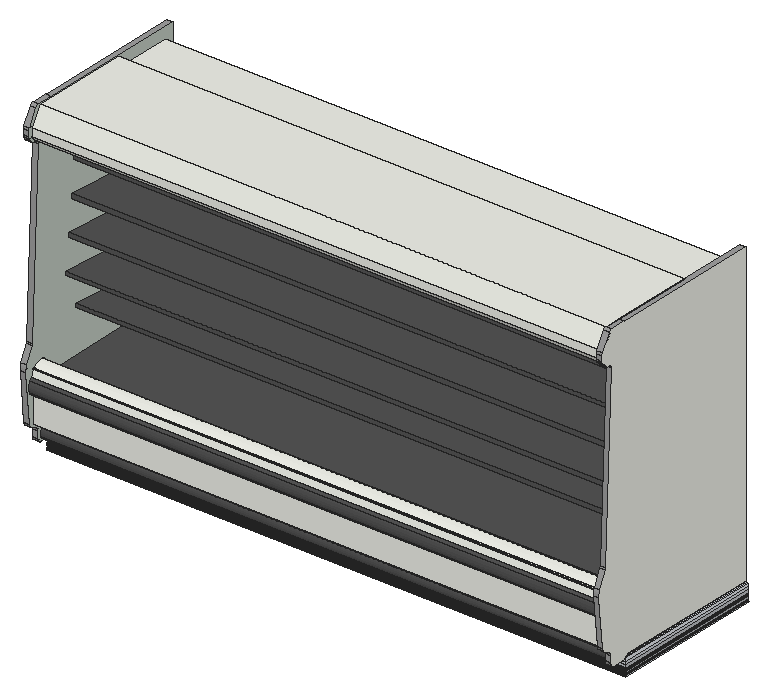
Revit family "F6L_2014", category Specialty Equipment, Revit 2014
Parameters (values of type "12'-0" Length")
  Width = 144 1/2"
  Waste Drain Location = if(Width = 72 1/4", 12", if(Width = 96 3/8", 23 7/8", 1/16"))  # 1/16"
  Waste Drain = 1 1/2"  # constant formula
  URL = "www.hussmann.com"
  Type Comments = "Excel"  # constant formula
  Trim = Stainless Steel
  Total Weight = Case Weight + (2 * End Weight)  # 2200.00 lbf
  Splashguard = Textured Sheet Metal (Steel Painted) - 701 Black
  Side Panel - Right [instance] = yes
  Side Panel - Left [instance] = yes
  Shelves = Sheet Metal (Steel Painted) - 701 Black
  Shelf Lights [instance] = yes
  Shelf = yes
  Revit Family Date = "09/13/2016"  # constant formula
  Refrigeration Lines Suction = 1 1/8"  # constant formula
  Refrigeration Lines Liquid = 3/8"  # constant formula
  Refrig. Suction = "Suction"
  Refrig. Liquid = "Liquid"
  Number of Supports = if(Width < 50", 2, if(Width < 100", 3, 4))  # 4
  Number of Shelves = 5  # constant formula
  Note from Manufacturer = "This model only comes in 4'-0\", 6'-0\", 8'-0\" and 12'-0\"  lengths."
  Model URL = "http://www.hussmann.com/en/product%20viewer/display-cases/F6,%20F6L"
  Model = "F6L"  # constant formula
  Manufacturer Disclaimer = "The information in this file is not intended to be an exact representation of the corresponding Hussmann product.  Further, we reserve the right to change or revise specifications and product design in connection with any feature of our products. Such changes do not entitle the buyer to corresponding changes, improvements, additions, or replacements for equipment previously sold or shipped."  # constant formula
  Manufacturer = "Hussmann Corporation"  # constant formula
  Height = 81 1/4"  # constant formula
  Glazing = Glass
  Ends = Textured Sheet Metal (Steel Painted) - 149 White Satin Matte
  End Weight = 100.00 lbf  # constant formula
  Door Frame = Plastic - 144 Mist Gray
  Description = "Low 23 inch Front Height, Low Temperature Open Multi-Deck"  # constant formula
  Depth = 46 1/2"  # constant formula
  Cutsheet URL = "http://www.hussmann.com/en/Technical%20Documents/0522420_D_F6L.pdf"
  Case Weight = if(Width = 48 1/4", 1000.00 lbf, if(Width = 72 1/4", 1300.00 lbf, if(Width = 96 3/8", 1700.00 lbf, if(Width = 144 1/2", 2000.00 lbf, 0.00 lbf))))  # 2000.00 lbf
  Case Interior - Side Panel = Mirror
  Case Interior - Back Panel = Mirror
  Case = Textured Sheet Metal (Steel Painted) - 149 White Satin Matte
  Bumper = Extruded PVC - 701 Black
  Assembly Code = ""
  Accessories/Options = ""
Types (5): name | Width | Waste Drain Location | Total Weight | Number of Supports | Case Weight
  (no name) | 144 1/2" | 1/16" | 2200.00 lbf | 4 | 2000.00 lbf
  12'-0" Length | 144 1/2" | 1/16" | 2200.00 lbf | 4 | 2000.00 lbf
  8'-0" Length | 96 3/8" | 23 7/8" | 1900.00 lbf | 3 | 1700.00 lbf
  6'-0" Length | 72 1/4" | 12" | 1500.00 lbf | 3 | 1300.00 lbf
  4'-0" Length | 48 1/4" | 1/16" | 1200.00 lbf | 2 | 1000.00 lbf
Reference planes (in)
  plane 1 "Back": y = 0
  plane 2 "Bottom": z = 0
  plane 3 "Top": z = 81.25
  plane 4 "Left": x = -77.30699
  plane 5 "Front": y = -46.5
  plane 6 "Center (Left/Right)": x = -5.05699
  plane 7 "Right": x = 67.19301
  plane 8: x = -78.75816
  plane 9: x = 68.64419
Forms (in)
  Extrusion 1, solid, material "Metal - Copper"
    sketch origin (63.0625, 1.04319, 0) x (1, 0, 0) y (0, 1, 0)
      loop
        arc (-68.05699, -27.97109) -> (-68.58732, -28.19076) -> (-68.80699, -28.72109) r 0.75
        arc (-68.80699, -28.72109) -> (-68.58732, -29.25142) -> (-68.05699, -29.47109) r 0.75
        arc (-68.05699, -29.47109) -> (-67.52666, -29.25142) -> (-67.30699, -28.72109) r 0.75
        arc (-67.30699, -28.72109) -> (-67.52666, -28.19076) -> (-68.05699, -27.97109) r 0.75
      loop
        circle (-68.05699, -28.72109) r 0.7102
    from 6.42413 to 3.51473
  Extrusion 2, solid, material "Metal - Copper"
    sketch origin (57.40105, 5, -0.375) x (1, 0, 0) y (0, 1, 0)
      loop
        circle (0.33505, -35.51915) r 0.53859
      loop
        circle (0.33505, -35.51915) r 0.5625
    from 12.31461 to 5.4531
  Extrusion 3, solid, material "Metal - Copper"
    sketch origin (59.82608, 5, -0.375) x (1, 0, 0) y (0, 1, 0)
      loop
        circle (-1.33997, -35.51915) r 0.17188
      loop
        circle (-1.33997, -35.51915) r 0.1875
    from 12.31461 to 5.4531
  Extrusion 4, solid, material "Textured Sheet Metal (Steel Painted) - 149 White Satin Matte" <- "Case"
    sketch origin (-77.30699, 0, 0) x (0, 1, 0) y (0, 0, 1)
      loop
        line (-32.1541, 73.54912) -> (-9.46181, 71.96022) -> (-14.849, 18.17943) -> (-16.98709, 18.17943) -> (-23.57861, 11.45449) -> (-26.80457, 11.45449) -> (-27.76669, 14.43866) -> (-41.70677, 15.01715) -> (-38.318, 17.2794) -> (-38.318, 17.87326) -> (-40.77696, 17.87326) -> (-40.77696, 18.76026)
        arc (-40.77696, 18.76026) -> (-40.79236, 18.78719) -> (-40.82338, 18.78759) r 0.03125
        line (-40.82338, 18.78759) -> (-42.13884, 18.05773) -> (-43.92538, 18.05773) -> (-43.92538, 22.00602) -> (-42.40181, 22.00602)
        arc (-42.40181, 22.00602) -> (-42.36045, 22.02335) -> (-42.34381, 22.06499) r 0.058
        line (-42.34381, 22.06499) -> (-42.34381, 22.31941) -> (-42.16439, 22.56533)
        arc (-42.16439, 22.56533) -> (-42.05488, 22.61571) -> (-42.02131, 22.73149) r 0.14499
        arc (-42.02131, 22.73149) -> (-42.08031, 22.91762) -> (-42.2585, 22.99747) r 0.23875
        arc (-42.2585, 22.99747) -> (-43.75651, 22.75243) -> (-45.09834, 22.04279) r 4.70103
        arc (-45.09834, 22.04279) -> (-45.1763, 21.9639) -> (-45.22778, 21.86565) r 0.37506
        line (-45.22778, 21.86565) -> (-45.25633, 21.77972)
        arc (-45.25633, 21.77972) -> (-45.25768, 21.74778) -> (-45.24339, 21.71919) r 0.06383
        arc (-45.24339, 21.71919) -> (-45.23064, 21.70823) -> (-45.21557, 21.70083) r 0.06355
        line (-45.21557, 21.70083) -> (-45.15692, 21.68094) -> (-45.71561, 20.14609) -> (-45.0616, 20.14609) -> (-45.0616, 9.16104) -> (-42.90688, 7.9165) -> (-42.68352, 8.32972) -> (-37.45724, 5.312) -> (-29.27535, 5.312) -> (-29.27535, 2.18201) -> (0, 2.18201) -> (0, 49.42812) -> (-3.19794, 49.42812) -> (-3.19794, 78.65136) -> (-18.11408, 78.65136) -> (-18.11408, 81.26647) -> (-42.99581, 81.26647) -> (-45.50837, 76.9146) -> (-45.50837, 74.88084) -> (-44.55361, 73.74112) -> (-44.24596, 74.04878) -> (-44.96724, 74.90484) -> (-42.96435, 76.39558) -> (-42.79097, 75.93177) -> (-42.41037, 75.40726) -> (-39.0931, 75.40726) -> (-39.0931, 75.13972) -> (-38.83177, 74.20939) -> (-38.68819, 74.20516) -> (-38.68819, 74.70168) -> (-35.39484, 74.70168) -> (-35.37355, 72.28708) -> (-32.1541, 72.28708) -> (-32.1541, 73.54912)
    from 0 to 144.5 <- "Width"
  Extrusion 5, solid, material "Sheet Metal (Steel Painted) - 701 Black" <- "Shelves"
    sketch origin (-77.30699, 0, 0) x (0, 1, 0) y (0, 0, 1)
      loop
        line (-15.04978, 19.30353) -> (-40.57497, 18.90647) -> (-40.56003, 17.94604)
        arc (-40.56003, 17.94604) -> (-40.55054, 17.92409) -> (-40.5283, 17.91528) r 0.03125
        line (-40.5283, 17.91528) -> (-15.02977, 18.30908) -> (-15.04978, 19.30353)
    from 0 to 144.5 <- "Width"
  Extrusion 6, solid, material "Extruded PVC - 701 Black" <- "Bumper"
    sketch origin (-77.30699, 0, 0) x (0, 1, 0) y (0, 0, 1)
      loop
        arc (-45.71561, 20.14609) -> (-46.08999, 19.88839) -> (-46.35991, 19.52271) r 1.37504
        arc (-46.35991, 19.52271) -> (-46.68609, 18.16151) -> (-46.35917, 16.80049) r 2.99997
        arc (-46.35917, 16.80049) -> (-46.04489, 16.3947) -> (-45.60371, 16.13243) r 1.37501
        arc (-45.60371, 16.13243) -> (-45.5525, 16.1281) -> (-45.5059, 16.14977) r 0.10001
        line (-45.5059, 16.14977) -> (-45.0616, 16.52258) -> (-45.0616, 20.14609) -> (-45.71561, 20.14609)
      loop
        arc (-42.02361, 7.721) -> (-42.3677, 7.51597) -> (-42.61285, 7.19922) r 1.075
        arc (-42.61285, 7.19922) -> (-42.86856, 6.13415) -> (-42.61286, 5.06908) r 2.346
        arc (-42.61286, 5.06908) -> (-42.36782, 4.75242) -> (-42.02389, 4.5474) r 1.075
        arc (-42.02389, 4.5474) -> (-41.98374, 4.54322) -> (-41.94688, 4.55968) r 0.078
        line (-41.94688, 4.55968) -> (-41.67603, 4.78693) -> (-41.96374, 4.953) -> (-40.6816, 7.17378) -> (-41.4288, 7.60522) -> (-41.55766, 7.38205) -> (-41.94493, 7.70698)
        arc (-41.94493, 7.70698) -> (-41.98233, 7.72483) -> (-42.02361, 7.721) r 0.078
    from 0 to 144.5 <- "Width"
  Extrusion 7, solid, material "Sheet Metal (Steel Painted) - 701 Black" <- "Shelves"
    sketch origin (-77.30699, 0, 0) x (0, 1, 0) y (0, 0, 1)
      loop
        line (-10.30939, 63.49875) -> (-32.25575, 65.03542) -> (-32.35547, 64.03996) -> (-31.85796, 63.99012) -> (-31.80661, 64.50275) -> (-10.35925, 63.00102) -> (-10.30939, 63.49875)
      loop
        line (-31.65455, 30.92217) -> (-31.72446, 29.92372) -> (-31.25675, 29.87687) -> (-31.2054, 30.38949) -> (-13.74837, 29.16717) -> (-13.69851, 29.6649) -> (-31.65455, 30.92217)
      loop
        line (-34.7985, 39.65103) -> (-34.89821, 38.65556) -> (-34.4007, 38.60573) -> (-34.34935, 39.11836) -> (-12.90199, 37.61663) -> (-12.85213, 38.11436) -> (-34.7985, 39.65103)
      loop
        line (-33.95092, 48.11249) -> (-34.05063, 47.11703) -> (-33.55312, 47.06719) -> (-33.50177, 47.57982) -> (-12.05441, 46.07809) -> (-12.00455, 46.57583) -> (-33.95092, 48.11249)
      loop
        line (-33.10333, 56.57396) -> (-33.20305, 55.57849) -> (-32.70554, 55.52866) -> (-32.65419, 56.04129) -> (-11.20683, 54.53956) -> (-11.15697, 55.03729) -> (-33.10333, 56.57396)
    from 0 to 144.5 <- "Width"
  Extrusion 8, solid, material "Textured Sheet Metal (Steel Painted) - 149 White Satin Matte" <- "Ends", visible <- "Side Panel - Left"
    sketch origin (-77.30699, 0, 0) x (0, 1, 0) y (0, 0, 1)
      loop
        line (-43.1746, 72.33507) -> (-45.09612, 27.53321)
        arc (-45.09612, 27.53321) -> (-45.12572, 27.3309) -> (-45.19585, 27.13884) r 0.99992
        line (-45.19585, 27.13884) -> (-46.99351, 23.44142)
        arc (-46.99351, 23.44142) -> (-47.25982, 22.62207) -> (-47.29229, 21.76113) r 3.12507
        line (-47.29229, 21.76113) -> (-46.04991, 9.45266)
        arc (-46.04991, 9.45266) -> (-45.8947, 9.01005) -> (-45.55476, 8.6869) r 1.00008
        line (-45.55476, 8.6869) -> (-43.94711, 7.75915)
        arc (-43.94711, 7.75915) -> (-43.58099, 7.39314) -> (-43.44698, 6.8931) r 0.99992
        line (-43.44698, 6.8931) -> (-43.44698, 5.0781)
        arc (-43.44698, 5.0781) -> (-43.15406, 4.37094) -> (-42.4469, 4.07802) r 1.00008
        line (-42.4469, 4.07802) -> (-39.4509, 4.07802) -> (-39.4509, 4.32875) -> (-39.38161, 4.32875) -> (-39.38161, 4.37675) -> (-38.29754, 5.22424) -> (-38.29754, 5.17618) -> (-0.57369, 5.17618) -> (-0.57369, 81.28502) -> (-39.32361, 81.28502) -> (-39.32361, 81.34702) -> (-43.1566, 81.34702)
        arc (-43.1566, 81.34702) -> (-43.65661, 81.21305) -> (-44.02266, 80.84705) r 1.00008
        line (-44.02266, 80.84705) -> (-46.19965, 77.07706)
        arc (-46.19965, 77.07706) -> (-46.29959, 76.83583) -> (-46.33368, 76.57695) r 1.00008
        line (-46.33368, 76.57695) -> (-46.33368, 75.16995)
        arc (-46.33368, 75.16995) -> (-46.27327, 74.82765) -> (-46.09935, 74.5267) r 1.00008
        line (-46.09935, 74.5267) -> (-45.43459, 73.73534)
        arc (-45.43459, 73.73534) -> (-45.09158, 73.47237) -> (-44.6696, 73.37888) r 0.99908
        line (-44.6696, 73.37888) -> (-44.1746, 73.37888)
        arc (-44.1746, 73.37888) -> (-43.45184, 73.07038) -> (-43.1746, 72.33507) r 1.00092
    from 0 to -1.45118
  Sweep 9, solid
    path origin (0, 0, 0) x (1, 0, 0) y (0, 1, 0)
      loop
        line (-77.30699, 0) -> (-77.30699, -37.26654) -> (67.19301, -37.26654) -> (67.19301, 0)
    profile origin (-5.05699, -37.26654, 0) x (0, 1, 0) y (0, 0, 1)
      loop
        line (-0.89402, 4.48266) -> (-1.05129, 4.45114) -> (-1.2305, 4.33026) -> (-1.34929, 4.14965) -> (-1.53606, 3.46063) -> (-1.55475, 2.74699) -> (-1.40429, 2.04913) -> (-1.37706, 1.88926) -> (-1.40243, 1.72908) -> (-1.47773, 1.58544) -> (-1.56688, 1.39133) -> (-1.56688, 1.17773) -> (-1.47773, 0.98363) -> (-1.3886, 0.78951) -> (-1.3886, 0.57592) -> (-1.47773, 0.38181) -> (-1.53279, 0.28957) -> (-1.56688, 0.1877) -> (-1.57841, 0.0809) -> (-0.72217, 0.2629) -> (0, 0.70022) -> (0, 4.13502) -> (-0.22501, 4.36538) -> (-0.16131, 4.42908) -> (-0.5901, 4.85787) -> (-0.66434, 4.88863) -> (-0.73859, 4.85787) -> (-0.89402, 4.48266)
  Extrusion 10, solid, material "Textured Sheet Metal (Steel Painted) - 149 White Satin Matte" <- "Ends", visible <- "Side Panel - Right"
    sketch origin (67.19301, 0, 0) x (0, 1, 0) y (0, 0, -1)
      loop
        arc (-43.1746, -72.33507) -> (-43.45184, -73.07038) -> (-44.1746, -73.37888) r 1.00092
        line (-44.1746, -73.37888) -> (-44.6696, -73.37888)
        arc (-44.6696, -73.37888) -> (-45.09158, -73.47237) -> (-45.43459, -73.73534) r 0.99908
        line (-45.43459, -73.73534) -> (-46.09935, -74.5267)
        arc (-46.09935, -74.5267) -> (-46.27327, -74.82765) -> (-46.33368, -75.16995) r 1.00008
        line (-46.33368, -75.16995) -> (-46.33368, -76.57695)
        arc (-46.33368, -76.57695) -> (-46.29959, -76.83583) -> (-46.19965, -77.07706) r 1.00008
        line (-46.19965, -77.07706) -> (-44.02266, -80.84705)
        arc (-44.02266, -80.84705) -> (-43.65661, -81.21305) -> (-43.1566, -81.34702) r 1.00008
        line (-43.1566, -81.34702) -> (-39.32361, -81.34702) -> (-39.32361, -81.28502) -> (-0.57369, -81.28502) -> (-0.57369, -5.17618) -> (-38.29754, -5.17618) -> (-38.29754, -5.22424) -> (-39.38161, -4.37675) -> (-39.38161, -4.32875) -> (-39.4509, -4.32875) -> (-39.4509, -4.07802) -> (-42.4469, -4.07802)
        arc (-42.4469, -4.07802) -> (-43.15406, -4.37094) -> (-43.44698, -5.0781) r 1.00008
        line (-43.44698, -5.0781) -> (-43.44698, -6.8931)
        arc (-43.44698, -6.8931) -> (-43.58099, -7.39314) -> (-43.94711, -7.75915) r 0.99992
        line (-43.94711, -7.75915) -> (-45.55476, -8.6869)
        arc (-45.55476, -8.6869) -> (-45.8947, -9.01005) -> (-46.04991, -9.45266) r 1.00008
        line (-46.04991, -9.45266) -> (-47.29229, -21.76113)
        arc (-47.29229, -21.76113) -> (-47.25982, -22.62207) -> (-46.99351, -23.44142) r 3.12507
        line (-46.99351, -23.44142) -> (-45.19585, -27.13884)
        arc (-45.19585, -27.13884) -> (-45.12572, -27.3309) -> (-45.09612, -27.53321) r 0.99992
        line (-45.09612, -27.53321) -> (-43.1746, -72.33507)
    from 0 to -1.45118
Lines and regions (in)
  reference lines
    curve 1: line (-73.78869, -46.5, 0) -> (-73.78869, 0, 0)
    curve 2: line (-4.99449, -46.5, 0) -> (-4.99449, 0, 0)
    curve 3: line (63.74082, -46.5, 0) -> (63.74082, 0, 0)
    curve 4: line (58.29861, -46.5, 0) -> (58.29861, 0, 0)
    curve 5: line (-77.30699, -27.6779, 0) -> (67.19301, -27.6779, 0)
    curve 6: line (67.19301, -30.51915, 0) -> (-77.30699, -30.51915, 0)
Dimensions and locks (in)
  equal spacing: plane 4 "Left", plane 6 "Center (Left/Right)", plane 7 "Right"
  "Width": plane 4 "Left" to plane 7 "Right"
  locked: plane 4 "Left" to curve 1 at 3.5183
  locked: curve 3 to plane 7 "Right" at 3.45219
  "Depth": plane 5 "Front" to plane 1 "Back"
  locked: curve 4 to plane 7 "Right" at 8.89441
  "Height": plane 3 "Top" to level
  locked: plane 1 "Back" to curve 5 at 27.6779
  locked: plane 1 "Back" to curve 6 at 30.51915
  locked: Extrusion 1 sketch curve to Extrusion 1 sketch curve at 0.0398
  locked: Extrusion 3 sketch curve to Extrusion 3 sketch curve at 0.01562
  locked: Extrusion 2 sketch curve to Extrusion 2 sketch curve at 0.02391
  equal spacing: group 1, group 3, group 4, group 2  (x3)
  "Waste Drain Location": plane 6 "Center (Left/Right)" to curve 2
  locked: plane 8 to plane 4 "Left" at 1.45118
  locked: plane 7 "Right" to plane 9 at 1.45118
  "Waste Drain": diameter of Extrusion 1 sketch curve
  "Refrigeration Lines Liquid": diameter of Extrusion 3 sketch curve
  "Refrigeration Lines Suction": diameter of Extrusion 2 sketch curve
  aligned and locked: plane 5 "Front" to curve 2
  aligned and locked: plane 5 "Front" to curve 3
  aligned and locked: plane 5 "Front" to curve 1
  aligned and locked: plane 4 "Left" to curve 5
  aligned and locked: plane 4 "Left" to curve 6
  aligned and locked: plane 7 "Right" to curve 6
  aligned and locked: plane 7 "Right" to curve 5
  aligned and locked: curve 6 to Extrusion 3 sketch curve  (x4)
  aligned and locked: curve 6 to Extrusion 2 sketch curve  (x4)
  aligned and locked: curve 5 to Extrusion 1 sketch curve  (x3)
  aligned and locked: curve 2 to Extrusion 1 sketch curve
  aligned and locked: curve 4 to Extrusion 3 sketch curve
  aligned and locked: curve 4 to Extrusion 2 sketch curve
  aligned and locked: curve 1 to nested 1
  aligned and locked: curve 3 to nested 2
  aligned and locked: plane 4 "Left" to Extrusion 8
  aligned and locked: Extrusion 8 to plane 8
  aligned and locked: Extrusion 4 to Sweep 9 sketch curve
  aligned and locked: Sweep 9 sketch curve to Extrusion 4
  aligned and locked: Extrusion 10 to plane 7 "Right"
  aligned and locked: Extrusion 10 to plane 9
  aligned and locked: plane 4 "Left" to nested 5
  aligned and locked: plane 4 "Left" to nested 4
  aligned and locked: plane 4 "Left" to nested 3
Automatic sketch dimensions
  Extrusion 4 sketch curve to plane 1 "Back" = 0"
  plane 1 "Back" to Extrusion 4 sketch curve = 3.19794"
  Extrusion 4 sketch curve to Extrusion 4 sketch curve = 6.26387"
  plane 1 "Back" to Extrusion 4 sketch curve = 14.849"
  Extrusion 4 sketch curve to Extrusion 4 sketch curve = 2.13808"
  Extrusion 4 sketch curve to plane 3 "Top" = 0.01647"
  Extrusion 4 sketch curve to Extrusion 4 sketch curve = 8.65227"
  Extrusion 4 sketch curve to Extrusion 4 sketch curve = 6.59152"
  Extrusion 4 sketch curve to Extrusion 4 sketch curve = 3.22596"
  Extrusion 4 sketch curve to Extrusion 4 sketch curve = 0.96212"
  level to Extrusion 4 sketch curve = 2.18201"
  Extrusion 4 sketch curve to Extrusion 4 sketch curve = 2.47078"
  plane 5 "Front" to Extrusion 4 sketch curve = 14.3459"
  Extrusion 4 sketch curve to Extrusion 4 sketch curve = 3.21945"
  Extrusion 4 sketch curve to Extrusion 4 sketch curve = 0.02129"
  Extrusion 4 sketch curve to Extrusion 4 sketch curve = 8.18189"
  plane 5 "Front" to Extrusion 4 sketch curve = 8.182"
  Extrusion 4 sketch curve to Extrusion 4 sketch curve = 3.29335"
  Extrusion 4 sketch curve to Extrusion 4 sketch curve = 0.14358"
  Extrusion 4 sketch curve to Extrusion 4 sketch curve = 0.40491"
  Extrusion 4 sketch curve to Extrusion 4 sketch curve = 2.45897"
  Extrusion 4 sketch curve to Extrusion 4 sketch curve = 1/32"
  Extrusion 4 sketch curve to Extrusion 4 sketch curve = 0.9298"
  Extrusion 4 sketch curve to Extrusion 4 sketch curve = 1.31547"
  Extrusion 4 sketch curve to Extrusion 4 sketch curve = 1.34102"
  Extrusion 4 sketch curve to Extrusion 4 sketch curve = 0.00035"
  Extrusion 4 sketch curve to Extrusion 4 sketch curve = 3/32"
  Extrusion 4 sketch curve to Extrusion 4 sketch curve = 0.11966"
  Extrusion 4 sketch curve to Extrusion 4 sketch curve = 0.17942"
  Extrusion 4 sketch curve to Extrusion 4 sketch curve = 0.058"  (x2)
  Extrusion 4 sketch curve to Extrusion 4 sketch curve = 3.31727"
  plane 5 "Front" to Extrusion 4 sketch curve = 3.81648"
  Extrusion 4 sketch curve to Extrusion 4 sketch curve = 0.3806"
  Extrusion 4 sketch curve to Extrusion 4 sketch curve = 0.22336"
  Extrusion 4 sketch curve to Extrusion 4 sketch curve = 0.17337"
  plane 5 "Front" to Extrusion 4 sketch curve = 3.50419"
  Extrusion 4 sketch curve to Extrusion 4 sketch curve = 1.66688"
  plane 5 "Front" to Extrusion 4 sketch curve = 2.25404"
  Extrusion 4 sketch curve to Extrusion 4 sketch curve = 0.30766"  (x2)
  Extrusion 4 sketch curve to Extrusion 4 sketch curve = 0.9481"
  Extrusion 4 sketch curve to Extrusion 4 sketch curve = 0.72128"
  plane 5 "Front" to Extrusion 4 sketch curve = 1.4384"
  Extrusion 4 sketch curve to Extrusion 4 sketch curve = 0.03834"
  Extrusion 4 sketch curve to Extrusion 4 sketch curve = 0.00008"
  Extrusion 4 sketch curve to Extrusion 4 sketch curve = 0.03252"
  Extrusion 4 sketch curve to Extrusion 4 sketch curve = 0.06098"
  Extrusion 4 sketch curve to Extrusion 4 sketch curve = 0.54113"
  Extrusion 4 sketch curve to Extrusion 4 sketch curve = 0.65401"
  Extrusion 4 sketch curve to Extrusion 4 sketch curve = 3.13"
  Extrusion 4 sketch curve to Extrusion 4 sketch curve = 2.6045"
  Extrusion 4 sketch curve to Extrusion 4 sketch curve = 0.41321"
  Extrusion 4 sketch curve to Extrusion 4 sketch curve = 1.24454"
  Extrusion 4 sketch curve to Extrusion 4 sketch curve = 6.14249"
  Extrusion 4 sketch curve to Extrusion 4 sketch curve = 2.98417"
  Extrusion 4 sketch curve to Extrusion 4 sketch curve = 5.85611"
  Extrusion 4 sketch curve to Extrusion 4 sketch curve = 2.26226"
  Extrusion 4 sketch curve to Extrusion 4 sketch curve = 0.59386"
  Extrusion 4 sketch curve to Extrusion 4 sketch curve = 0.23874"
  Extrusion 4 sketch curve to Extrusion 4 sketch curve = 1.53485"
  Extrusion 4 sketch curve to Extrusion 4 sketch curve = 0.06167"
  Extrusion 4 sketch curve to Extrusion 4 sketch curve = 0.08014"
  Extrusion 4 sketch curve to Extrusion 4 sketch curve = 0.00004"
  Extrusion 4 sketch curve to Extrusion 4 sketch curve = 0.01864"
  Extrusion 4 sketch curve to Extrusion 4 sketch curve = 11/128"
  Extrusion 4 sketch curve to Extrusion 4 sketch curve = 0.25443"
  Extrusion 4 sketch curve to Extrusion 4 sketch curve = 0.24591"
  Extrusion 4 sketch curve to Extrusion 4 sketch curve = 0.14499"
  Extrusion 4 sketch curve to Extrusion 4 sketch curve = 0.04841"
  Extrusion 4 sketch curve to Extrusion 4 sketch curve = 1.26203"
  Extrusion 4 sketch curve to Extrusion 4 sketch curve = 1.91808"
  Extrusion 4 sketch curve to Extrusion 4 sketch curve = 0.00423"
  Extrusion 4 sketch curve to Extrusion 4 sketch curve = 2.4146"
  Extrusion 4 sketch curve to Extrusion 4 sketch curve = 1.13972"
  Extrusion 4 sketch curve to Extrusion 4 sketch curve = 0.024"
  Extrusion 4 sketch curve to Extrusion 4 sketch curve = 0.43803"
  Extrusion 4 sketch curve to Extrusion 4 sketch curve = 1.35848"
  Extrusion 4 sketch curve to Extrusion 4 sketch curve = 0.52451"
  Extrusion 4 sketch curve to Extrusion 4 sketch curve = 0.46381"
  Extrusion 4 sketch curve to Extrusion 4 sketch curve = 2.03376"
  plane 3 "Top" to Extrusion 4 sketch curve = 2.59864"
  Extrusion 4 sketch curve to Extrusion 4 sketch curve = 0.14343"
  Extrusion 4 sketch curve to Extrusion 4 sketch curve = 0.12944"
  Extrusion 4 sketch curve to Extrusion 4 sketch curve = 0.05865"
  Extrusion 4 sketch curve to Extrusion 4 sketch curve = 0"  (x2)
  Extrusion 4 sketch curve to Extrusion 4 sketch curve = 0.02766"
  Extrusion 4 sketch curve to Extrusion 4 sketch curve = 0.00014"
  Extrusion 4 sketch curve to Extrusion 4 sketch curve = 0.01836"
  plane 5 "Front" to Extrusion 5 sketch curve = 5.92503"
  Extrusion 5 sketch curve to Extrusion 5 sketch curve = 0.01494"
  Extrusion 5 sketch curve to Extrusion 5 sketch curve = 1/32"
  Extrusion 5 sketch curve to Extrusion 5 sketch curve = 0.00048"
  plane 1 "Back" to Extrusion 5 sketch curve = 15.04978"
  Extrusion 5 sketch curve to Extrusion 5 sketch curve = 0.02001"
  Extrusion 5 sketch curve to Extrusion 5 sketch curve = 0.00049"
  plane 5 "Front" to Extrusion 6 sketch curve = 0.78439"
  plane 5 "Front" to Extrusion 6 sketch curve = 0.93005"
  Extrusion 6 sketch curve to Extrusion 6 sketch curve = 0.06406"
  Extrusion 6 sketch curve to Extrusion 6 sketch curve = 0.43594"
  plane 5 "Front" to Extrusion 6 sketch curve = 1.36613"
  Extrusion 6 sketch curve to Extrusion 6 sketch curve = 0.65401"
  Extrusion 6 sketch curve to Extrusion 6 sketch curve = 1.44775"
  plane 5 "Front" to Extrusion 6 sketch curve = 4.50398"
  Extrusion 6 sketch curve to Extrusion 6 sketch curve = 0"  (x5)
  Extrusion 6 sketch curve to Extrusion 6 sketch curve = 0.03228"
  Extrusion 6 sketch curve to Extrusion 6 sketch curve = 0.04914"
  Extrusion 6 sketch curve to Extrusion 6 sketch curve = 0.05109"
  Extrusion 6 sketch curve to Extrusion 6 sketch curve = 0.28771"
  Extrusion 6 sketch curve to Extrusion 6 sketch curve = 0.30871"
  Extrusion 6 sketch curve to Extrusion 6 sketch curve = 0.34099"
  Extrusion 6 sketch curve to Extrusion 6 sketch curve = 0.38727"
  Extrusion 6 sketch curve to Extrusion 6 sketch curve = 0.12886"
  Extrusion 6 sketch curve to Extrusion 6 sketch curve = 0.7472"
  Extrusion 6 sketch curve to Extrusion 6 sketch curve = 0.15904"
  Extrusion 6 sketch curve to Extrusion 6 sketch curve = 0.73784"
  Extrusion 6 sketch curve to Extrusion 6 sketch curve = 1.47544"
  Extrusion 6 sketch curve to Extrusion 6 sketch curve = 0.90215"
  Extrusion 6 sketch curve to Extrusion 6 sketch curve = 0.29601"
  Extrusion 6 sketch curve to Extrusion 6 sketch curve = 0.0768"
  level to Extrusion 6 sketch curve = 7.70698"
  Extrusion 6 sketch curve to Extrusion 6 sketch curve = 0.05894"
  Extrusion 6 sketch curve to Extrusion 6 sketch curve = 0.10175"
  Extrusion 6 sketch curve to Extrusion 6 sketch curve = 0.22318"
  Extrusion 6 sketch curve to Extrusion 6 sketch curve = 0.43144"
  Extrusion 6 sketch curve to Extrusion 6 sketch curve = 0.67089"
  Extrusion 6 sketch curve to Extrusion 6 sketch curve = 1.03963"
  Extrusion 6 sketch curve to Extrusion 6 sketch curve = 1.15403"
  Extrusion 6 sketch curve to Extrusion 6 sketch curve = 0.60413"
  Extrusion 6 sketch curve to Extrusion 6 sketch curve = 0.16607"
  Extrusion 6 sketch curve to Extrusion 6 sketch curve = 0.33275"
  Extrusion 6 sketch curve to Extrusion 6 sketch curve = 0.06058"
  plane 5 "Front" to Extrusion 6 sketch curve = 0.14084"
  plane 5 "Front" to Extrusion 6 sketch curve = 0.14009"
  Extrusion 6 sketch curve to Extrusion 6 sketch curve = 0.09781"
  Extrusion 6 sketch curve to Extrusion 6 sketch curve = 0.64912"
  Extrusion 6 sketch curve to Extrusion 6 sketch curve = 0.61683"
  Extrusion 6 sketch curve to Extrusion 6 sketch curve = 0.07701"
  Extrusion 6 sketch curve to Extrusion 6 sketch curve = 0.02759"
  plane 5 "Front" to Extrusion 7 sketch curve = 11.60179"
  Extrusion 7 sketch curve to Extrusion 7 sketch curve = 0.09972"  (x4)
  Extrusion 7 sketch curve to Extrusion 7 sketch curve = 0.49751"  (x4)
  Extrusion 7 sketch curve to Extrusion 7 sketch curve = 0.05135"  (x5)
  Extrusion 7 sketch curve to Extrusion 7 sketch curve = 0.74786"  (x3)
  Extrusion 7 sketch curve to Extrusion 7 sketch curve = 2.67624"
  Extrusion 7 sketch curve to Extrusion 7 sketch curve = 0.06991"
  Extrusion 7 sketch curve to Extrusion 7 sketch curve = 0.46771"
  plane 1 "Back" to Extrusion 7 sketch curve = 13.74837"
  Extrusion 7 sketch curve to Extrusion 7 sketch curve = 0.79652"
  Extrusion 7 sketch curve to Extrusion 7 sketch curve = 0.04986"  (x5)
  Extrusion 7 sketch curve to Extrusion 7 sketch curve = 0.79772"  (x3)
  Extrusion 7 sketch curve to Extrusion 7 sketch curve = 7.95173"
  Extrusion 7 sketch curve to Extrusion 7 sketch curve = 0.49773"  (x5)
  Extrusion 7 sketch curve to Extrusion 7 sketch curve = 7.68356"
  Extrusion 7 sketch curve to Extrusion 7 sketch curve = 0.04984"  (x3)
  Extrusion 7 sketch curve to Extrusion 7 sketch curve = 7.96373"  (x3)
  Extrusion 7 sketch curve to Extrusion 7 sketch curve = 7.41616"  (x3)
  Extrusion 7 sketch curve to Extrusion 7 sketch curve = 0.51263"
  Extrusion 8 sketch curve to plane 5 "Front" = 0.79229"
  Extrusion 8 sketch curve to plane 5 "Front" = 0.49351"
  plane 5 "Front" to Extrusion 8 sketch curve = 0.16632"
  plane 5 "Front" to Extrusion 8 sketch curve = 0.30035"
  plane 5 "Front" to Extrusion 8 sketch curve = 0.40065"
  plane 5 "Front" to Extrusion 8 sketch curve = 0.40488"
  plane 5 "Front" to Extrusion 8 sketch curve = 0.45009"
  Extrusion 8 sketch curve to Extrusion 8 sketch curve = 0.49516"
  Extrusion 8 sketch curve to Extrusion 8 sketch curve = 0.66476"
  Extrusion 8 sketch curve to Extrusion 8 sketch curve = 1.00008"  (x3)
  Extrusion 8 sketch curve to Extrusion 8 sketch curve = 0.89926"
  Extrusion 8 sketch curve to Extrusion 8 sketch curve = 0.09973"
  Extrusion 8 sketch curve to Extrusion 8 sketch curve = 0.99502"
  Extrusion 8 sketch curve to Extrusion 8 sketch curve = 0.76499"
  plane 5 "Front" to Extrusion 8 sketch curve = 2.05311"
  plane 5 "Front" to Extrusion 8 sketch curve = 2.31699"
  Extrusion 8 sketch curve to Extrusion 8 sketch curve = 0.495"
  plane 3 "Top" to Extrusion 8 sketch curve = 0.40295"
  plane 5 "Front" to Extrusion 8 sketch curve = 2.47734"
  Extrusion 8 sketch curve to Extrusion 8 sketch curve = 0.49978"
  Extrusion 8 sketch curve to Extrusion 8 sketch curve = 0.99992"
  Extrusion 8 sketch curve to Extrusion 8 sketch curve = 1"
  Extrusion 8 sketch curve to Extrusion 8 sketch curve = 0.86605"
  Extrusion 8 sketch curve to Extrusion 8 sketch curve = 2.99599"
  Extrusion 8 sketch curve to Extrusion 8 sketch curve = 0.06929"
  Extrusion 8 sketch curve to plane 3 "Top" = 0.03502"
  Extrusion 8 sketch curve to Extrusion 8 sketch curve = 3.83299"
  Extrusion 8 sketch curve to Extrusion 8 sketch curve = 1.08408"
  plane 1 "Back" to Extrusion 8 sketch curve = 0.57369"
  plane 3 "Top" to Extrusion 8 sketch curve = 0.90306"
  plane 3 "Top" to Extrusion 8 sketch curve = 4.17294"
  Extrusion 8 sketch curve to Extrusion 8 sketch curve = 1.407"
  Extrusion 8 sketch curve to Extrusion 8 sketch curve = 0.792"
  Extrusion 8 sketch curve to Extrusion 8 sketch curve = 0.64261"
  Extrusion 8 sketch curve to Extrusion 8 sketch curve = 1.00092"
  Extrusion 8 sketch curve to Extrusion 8 sketch curve = 0.04285"
  Extrusion 8 sketch curve to Extrusion 8 sketch curve = 1.36645"
  level to Extrusion 8 sketch curve = 9.55309"
  Extrusion 8 sketch curve to Extrusion 8 sketch curve = 0.10043"
  Extrusion 8 sketch curve to Extrusion 8 sketch curve = 0.92775"
  level to Extrusion 8 sketch curve = 5.22424"
  level to Extrusion 8 sketch curve = 5.17618"
  Extrusion 8 sketch curve to Extrusion 8 sketch curve = 1.815"
  Extrusion 8 sketch curve to Extrusion 8 sketch curve = 0.29873"
  Extrusion 8 sketch curve to Extrusion 8 sketch curve = 0.048"
  plane 1 "Back" to Sweep 9 sketch curve = 0"  (x2)
  plane 5 "Front" to Sweep 9 sketch curve = 9.23346"
  Sweep 9 sketch curve to profile plane = 0"
  profile plane to Sweep 9 sketch curve = 0.16131"
  Sweep 9 sketch curve to Sweep 9 sketch curve = 0.0637"  (x2)
  profile plane to Sweep 9 sketch curve = 0.5901"
  Sweep 9 sketch curve to Sweep 9 sketch curve = 0.07424"  (x2)
  level to Sweep 9 sketch curve = 0.2629"
  profile plane to Sweep 9 sketch curve = 0.72217"
  Sweep 9 sketch curve to Sweep 9 sketch curve = 0.15544"
  Sweep 9 sketch curve to Sweep 9 sketch curve = 0.15727"
  Sweep 9 sketch curve to Sweep 9 sketch curve = 0.17921"
  Sweep 9 sketch curve to Sweep 9 sketch curve = 0.11879"
  profile plane to Sweep 9 sketch curve = 1.37706"
  Sweep 9 sketch curve to Sweep 9 sketch curve = 0.66643"
  Sweep 9 sketch curve to Sweep 9 sketch curve = 0.02537"
  Sweep 9 sketch curve to Sweep 9 sketch curve = 0.02723"
  Sweep 9 sketch curve to Sweep 9 sketch curve = 0.08914"  (x3)
  level to Sweep 9 sketch curve = 0.38181"
  Sweep 9 sketch curve to Sweep 9 sketch curve = 0.0753"
  level to Sweep 9 sketch curve = 0.28957"
  Sweep 9 sketch curve to Sweep 9 sketch curve = 0.05506"
  Sweep 9 sketch curve to Sweep 9 sketch curve = 0.18677"
  Sweep 9 sketch curve to Sweep 9 sketch curve = 0.15046"
  level to Sweep 9 sketch curve = 0.1877"
  Sweep 9 sketch curve to Sweep 9 sketch curve = 0.03408"
  level to Sweep 9 sketch curve = 0.0809"
  Sweep 9 sketch curve to Sweep 9 sketch curve = 0.01154"
  Sweep 9 sketch curve to Sweep 9 sketch curve = 0.19411"  (x2)
  level to Sweep 9 sketch curve = 0.70022"
  Sweep 9 sketch curve to Sweep 9 sketch curve = 0.21359"
  Sweep 9 sketch curve to Sweep 9 sketch curve = 0.1941"  (x2)
  Sweep 9 sketch curve to Sweep 9 sketch curve = 0.2136"
  Sweep 9 sketch curve to Sweep 9 sketch curve = 0.14364"
  Sweep 9 sketch curve to Sweep 9 sketch curve = 0.16018"
  Sweep 9 sketch curve to Sweep 9 sketch curve = 0.15988"
  Sweep 9 sketch curve to Sweep 9 sketch curve = 0.69785"
  Sweep 9 sketch curve to Sweep 9 sketch curve = 0.71365"
  Sweep 9 sketch curve to Sweep 9 sketch curve = 0.67438"
  Sweep 9 sketch curve to Sweep 9 sketch curve = 0.68902"
  Sweep 9 sketch curve to Sweep 9 sketch curve = 0.1806"
  Sweep 9 sketch curve to Sweep 9 sketch curve = 0.23036"
  Sweep 9 sketch curve to Sweep 9 sketch curve = 0.12088"
  Sweep 9 sketch curve to Sweep 9 sketch curve = 0.03152"
  Sweep 9 sketch curve to Sweep 9 sketch curve = 0.37521"
  Sweep 9 sketch curve to Sweep 9 sketch curve = 0"
  Sweep 9 sketch curve to Sweep 9 sketch curve = 0.03075"
  Extrusion 10 sketch curve to plane 5 "Front" = 0.79229"
  Extrusion 10 sketch curve to plane 5 "Front" = 0.49351"
  plane 5 "Front" to Extrusion 10 sketch curve = 0.16632"
  plane 5 "Front" to Extrusion 10 sketch curve = 0.30035"
  plane 5 "Front" to Extrusion 10 sketch curve = 0.40065"
  plane 5 "Front" to Extrusion 10 sketch curve = 0.40488"
  plane 5 "Front" to Extrusion 10 sketch curve = 0.45009"
  Extrusion 10 sketch curve to Extrusion 10 sketch curve = 0.49516"
  Extrusion 10 sketch curve to Extrusion 10 sketch curve = 0.66476"
  Extrusion 10 sketch curve to Extrusion 10 sketch curve = 1.00008"  (x2)
  Extrusion 10 sketch curve to Extrusion 10 sketch curve = 0.76575"
  Extrusion 10 sketch curve to Extrusion 10 sketch curve = 0.89926"
  Extrusion 10 sketch curve to Extrusion 10 sketch curve = 0.09973"
  Extrusion 10 sketch curve to Extrusion 10 sketch curve = 0.99502"
  Extrusion 10 sketch curve to Extrusion 10 sketch curve = 0.76499"
  plane 5 "Front" to Extrusion 10 sketch curve = 2.05311"
  plane 5 "Front" to Extrusion 10 sketch curve = 2.31699"
  Extrusion 10 sketch curve to Extrusion 10 sketch curve = 0.495"
  plane 3 "Top" to Extrusion 10 sketch curve = 0.40295"
  plane 5 "Front" to Extrusion 10 sketch curve = 2.47734"
  Extrusion 10 sketch curve to Extrusion 10 sketch curve = 0.49978"
  Extrusion 10 sketch curve to Extrusion 10 sketch curve = 0.99992"
  Extrusion 10 sketch curve to Extrusion 10 sketch curve = 1"
  Extrusion 10 sketch curve to Extrusion 10 sketch curve = 0.86605"
  Extrusion 10 sketch curve to Extrusion 10 sketch curve = 2.99599"
  Extrusion 10 sketch curve to Extrusion 10 sketch curve = 0.06929"
  Extrusion 10 sketch curve to plane 3 "Top" = 0.03502"
  Extrusion 10 sketch curve to Extrusion 10 sketch curve = 3.83299"
  Extrusion 10 sketch curve to Extrusion 10 sketch curve = 1.08408"
  plane 1 "Back" to Extrusion 10 sketch curve = 0.57369"
  Extrusion 10 sketch curve to Extrusion 10 sketch curve = 0.062"
  plane 3 "Top" to Extrusion 10 sketch curve = 4.17294"
  Extrusion 10 sketch curve to Extrusion 10 sketch curve = 1.407"
  Extrusion 10 sketch curve to Extrusion 10 sketch curve = 0.792"
  Extrusion 10 sketch curve to Extrusion 10 sketch curve = 0.64261"
  Extrusion 10 sketch curve to Extrusion 10 sketch curve = 1.00092"
  Extrusion 10 sketch curve to Extrusion 10 sketch curve = 0.04285"
  Extrusion 10 sketch curve to Extrusion 10 sketch curve = 1.36645"
  level to Extrusion 10 sketch curve = 9.55309"
  Extrusion 10 sketch curve to Extrusion 10 sketch curve = 0.10043"
  Extrusion 10 sketch curve to Extrusion 10 sketch curve = 0.92775"
  level to Extrusion 10 sketch curve = 5.22424"
  Extrusion 10 sketch curve to Extrusion 10 sketch curve = 0.04806"
  Extrusion 10 sketch curve to Extrusion 10 sketch curve = 1.815"
  Extrusion 10 sketch curve to Extrusion 10 sketch curve = 0.29873"
  Extrusion 10 sketch curve to Extrusion 10 sketch curve = 0.048"
  plane 5 "Front" to Extrusion 4 sketch curve = 1.24367"
  Extrusion 4 sketch curve to Extrusion 4 sketch curve = 6.72494"
  Extrusion 4 sketch curve to Extrusion 4 sketch curve = 0.18446"
  Extrusion 4 sketch curve to Extrusion 4 sketch curve = 0.70253"
  Extrusion 4 sketch curve to Extrusion 4 sketch curve = 0.99147"
  Extrusion 4 sketch curve to Extrusion 4 sketch curve = 29.22324"
  Extrusion 4 sketch curve to Extrusion 4 sketch curve = 6.69114"
  plane 3 "Top" to Extrusion 4 sketch curve = 8.96292"
  Extrusion 4 sketch curve to Extrusion 4 sketch curve = 1.39859"
  level to Extrusion 5 sketch curve = 17.91528"
  level to Extrusion 5 sketch curve = 18.30908"
  Extrusion 5 sketch curve to Extrusion 5 sketch curve = 0.96043"
  Extrusion 6 sketch curve to Extrusion 6 sketch curve = 8.42878"
  Extrusion 6 sketch curve to Extrusion 6 sketch curve = 1.24592"
  level to Extrusion 7 sketch curve = 29.16717"
  Extrusion 7 sketch curve to Extrusion 7 sketch curve = 0.7097"
  Extrusion 7 sketch curve to Extrusion 7 sketch curve = 0.04685"
  Extrusion 8 sketch curve to Extrusion 8 sketch curve = 12.30848"
  Extrusion 8 sketch curve to Extrusion 8 sketch curve = 3.69741"
  Extrusion 10 sketch curve to Extrusion 10 sketch curve = 18.02296"
  Extrusion 10 sketch curve to Extrusion 10 sketch curve = 3.69741"
  Extrusion 4 sketch curve to Extrusion 4 sketch curve = 0.28345"
  Extrusion 4 sketch curve to Extrusion 4 sketch curve = 2.08837"
  Extrusion 1 sketch curve to Extrusion 1 sketch curve = 0"  (x2)
  Extrusion 2 sketch curve to Extrusion 2 sketch curve = 0"
  Extrusion 3 sketch curve to Extrusion 3 sketch curve = 0"
  curve 4 to plane 5 "Front" = 0"
  plane 1 "Back" to curve 4 = 0"
  plane 1 "Back" to curve 1 = 0"
  plane 1 "Back" to curve 3 = 0"
  plane 1 "Back" to curve 2 = 0"
Nested families (in)
  nested 1: "Floor Support-Low Profile" at (-73.6692, -0.49342, 0), type "Floor Support-Low Profile"
    with Depth 28 53/128"
  nested 2: "Floor Support-Low Profile" at (63.86031, -0.49342, 0), type "Floor Support-Low Profile"
    with Depth 28 53/128"
  nested 3: "Light" at (-5.30699, -34.55558, -26.49398), visible <- "Shelf Lights", type "Light"
    with Length 144 1/2"
  nested 4: "Light" at (-5.30699, -34.74969, 23.02283), visible <- "Shelf Lights", type "Light"
    with Length 144 1/2"
  nested 5: "Light" at (-5.30699, -35.4568, 22.31573), visible <- "Shelf Lights", type "Light"
    with Length 144 1/2"
  nested 6: "Floor Support-Low Profile" at (-27.82603, -0.49342, 0), type "Floor Support-Low Profile"
    with Depth 28 53/128"
  nested 7: "Floor Support-Low Profile" at (18.01714, -0.49342, 0), type "Floor Support-Low Profile"
    with Depth 28 53/128"
Connectors (in)
  piping at (-4.99449, -27.6779, 3.51473), diameter 1.5, driven by "Waste Drain"
    settings: on Extrusion 1, index 8, connector inside diameter 1 1/4", connector length 0", flow factor 0, pipe flow 0 GPM, pressure drop 0.00 psi, fitting loss kfactor 0, connector angle 0.00°, fixture units 0, engagement length 0", angle of deflection 0.00°, flow configuration 0, flow direction 0, fitting loss method 0, system type 16, joint type 0, gender type 0, connector reference index -1, connector utility 0, adjustable connector no, is connector primary yes, connector description "1 1/4\""
  piping at (57.73611, -30.51915, 5.0781), diameter 1.125, driven by "Refrig. Suction", driven by "Refrigeration Lines Suction"
    settings: on Extrusion 2, index 9, connector inside diameter 7/8", connector length 0", flow factor 0, pipe flow 0 GPM, pressure drop 0.00 psi, fitting loss kfactor 0, connector angle 0.00°, fixture units 0, engagement length 0", angle of deflection 0.00°, flow configuration 0, flow direction 2, fitting loss method 0, system type 22, joint type 0, gender type 0, connector reference index -1, connector utility 0, adjustable connector no, is connector primary no, connector description "Suction"
  piping at (58.48611, -30.51915, 5.0781), diameter 0.375, driven by "Refrig. Liquid", driven by "Refrigeration Lines Liquid"
    settings: on Extrusion 3, index 10, connector inside diameter 3/8", connector length 0", flow factor 0, pipe flow 0 GPM, pressure drop 0.00 psi, fitting loss kfactor 0, connector angle 0.00°, fixture units 0, engagement length 0", angle of deflection 0.00°, flow configuration 0, flow direction 1, fitting loss method 0, system type 22, joint type 0, gender type 0, connector reference index -1, connector utility 0, adjustable connector no, is connector primary no, connector description "Liquid"
Definition of nested family "Floor Support-Low Profile"
  Parameters (values of type "Floor Support-Low Profile")
    Width = 4 1/4"
    URL = "www.hussmann.com"
    Type Comments = ""
    Revit Family Date = "06/25/2015"
    Model = ""
    Manufacturer = "Hussmann Corporation"
    Height = 2.18201"
    Floor Support = none
    Description = ""
    Depth = 26.227"
    Assembly Code = ""
    Accessories/Options = ""
  Reference planes (in)
    plane 1 "Back": y = 0
    plane 2 "Bottom": z = 0
    plane 3 "Top": z = 2.18201
    plane 4 "Left": x = -2.24449
    plane 5 "Right": x = 2.00551
    plane 6 "Front": y = -26.227
    plane 7 "Center (Left/Right)": x = -0.11949
  Forms (in)
    Extrusion 1, solid, material <- "Floor Support"
      sketch origin (-0.11949, 0, 0) x (0, 1, 0) y (0, 0, 1)
        loop
          line (-0.49701, 1.25001) -> (-0.49701, 0.05701) -> (-2.88301, 0.05701) -> (-2.88301, 1.25001) -> (-3.57001, 1.25001) -> (-3.57001, 1.193) -> (-2.94002, 1.193) -> (-2.94002, 0) -> (-0.44, 0) -> (-0.44, 1.25001) -> (-0.49701, 1.25001)
      from 2.125 to -2.125
    Extrusion 2, solid, material <- "Floor Support"
      sketch origin (-0.11949, 0, 0) x (0, 1, 0) y (0, 0, 1)
        loop
          line (-26.227, 2.18201) -> (-26.227, 1.25001) -> (0, 1.25001) -> (0, 3.38976) -> (-2.27145, 2.18201) -> (-26.227, 2.18201)
      from 2.125 to -2.125
    Extrusion 3, solid, material <- "Floor Support"
      sketch origin (-0.11949, -26.227, 0) x (0, -1, 0) y (0, 0, -1)
        loop
          line (-0.49701, -1.25001) -> (-0.44, -1.25001) -> (-0.44, 0) -> (-2.94002, 0) -> (-2.94002, -1.193) -> (-3.57001, -1.193) -> (-3.57001, -1.25001) -> (-2.88301, -1.25001) -> (-2.88301, -0.05701) -> (-0.49701, -0.05701) -> (-0.49701, -1.25001)
      from 2.125 to -2.125
  Dimensions and locks (in)
    equal spacing: plane 4 "Left", plane 7 "Center (Left/Right)", plane 5 "Right"
    "Width": plane 4 "Left" to plane 5 "Right"
    "Depth": plane 6 "Front" to plane 1 "Back"
    "Height": plane 3 "Top" to level
    aligned and locked: Extrusion 1 to plane 4 "Left"
    aligned and locked: plane 5 "Right" to Extrusion 1
    aligned and locked: Extrusion 2 to plane 4 "Left"
    aligned and locked: plane 5 "Right" to Extrusion 2
    aligned and locked: Extrusion 3 to plane 4 "Left"
    aligned and locked: plane 5 "Right" to Extrusion 3
  Automatic sketch dimensions
    Extrusion 1 sketch curve to level = 0"
    level to Extrusion 1 sketch curve = 1.193"
    plane 1 "Back" to Extrusion 1 sketch curve = 3.57001"
    Extrusion 1 sketch curve to Extrusion 1 sketch curve = 0.62999"
    Extrusion 1 sketch curve to Extrusion 1 sketch curve = 0.05701"  (x3)
    plane 1 "Back" to Extrusion 1 sketch curve = 0.49701"
    level to Extrusion 1 sketch curve = 0.05701"
    Extrusion 1 sketch curve to Extrusion 1 sketch curve = 1.193"
    Extrusion 2 sketch curve to plane 6 "Front" = 0"
    Extrusion 2 sketch curve to plane 1 "Back" = 0"
    plane 1 "Back" to Extrusion 2 sketch curve = 2.27145"
    level to Extrusion 2 sketch curve = 1 1/4"
    Extrusion 2 sketch curve to Extrusion 2 sketch curve = 0.932"
    Extrusion 2 sketch curve to Extrusion 2 sketch curve = 2.13975"
    Extrusion 3 sketch curve to level = 0"
    Extrusion 3 sketch curve to level = 1.193"
    Extrusion 3 sketch curve to plane 6 "Front" = 3.57001"
    Extrusion 3 sketch curve to Extrusion 3 sketch curve = 0.62999"
    Extrusion 3 sketch curve to Extrusion 3 sketch curve = 0.05701"  (x2)
    Extrusion 3 sketch curve to plane 6 "Front" = 0.49701"
    Extrusion 3 sketch curve to plane 6 "Front" = 0.44"
    Extrusion 3 sketch curve to level = 0.05701"
    Extrusion 3 sketch curve to Extrusion 3 sketch curve = 1.193"
Definition of nested family "Light"
  Parameters (values of type "Light")
    Wattage = 16.1571 W
    built-in parameter 1150110 = 1 (stored number, unit not read)
    built-in parameter 1114217 = 1 (stored number, unit not read)
    built-in parameter 1150109 = 1 (stored number, unit not read)
    built-in parameter 1150134 = (empty or 0)
    built-in parameter 1150113 = 1 (stored number, unit not read)
    Lumens = 2400 lm
    built-in parameter 1150115 = 1 (stored number, unit not read)
    built-in parameter 1150105 = 763.94 (stored number, unit not read)
    Light Source Symbol Size = 24"
    built-in parameter 1150137 = (empty or 0)
    built-in parameter 1150139 = (empty or 0)
    Lense = none
    Length = 144"
    built-in parameter 1150112 = 1 (stored number, unit not read)
    built-in parameter 1150114 = 1 (stored number, unit not read)
    built-in parameter 1150132 = 2
    built-in parameter 1150102 = (empty or 0)
    built-in parameter 1150138 = (empty or 0)
    built-in parameter 1150107 = 6100 (stored number, unit not read)
    built-in parameter 1150106 = 7.6394 (stored number, unit not read)
    Emit from Line Length = Length  # 144"
    built-in parameter 1150104 = 13.8 (stored number, unit not read)
    Dimming Lamp Color Temperature Shift = (empty or 0)
    Color Filter = 16777215
    Casing = none
    built-in parameter 1114218 = 1 (stored number, unit not read)
    built-in parameter 1150133 = 10 (stored number, unit not read)
  Reference planes (in)
    plane 1 "Light Source Axis (F/B)": y = -8.60801
    plane 2: z = 0
    plane 3 "Light Source Axis (L/R)": x = 0
    plane 4 "Light Source Elevation": z = 52.5
    plane 5: z = 0
    plane 6 "Left": x = -72
    plane 7 "Right": x = 72
  Lines and regions (in)
    model lines
      curve 1: line (-72, -8.60801, 52.5) -> (72, -8.60801, 52.5)
  Dimensions and locks (in)
    equal spacing: plane 7 "Right", plane 3 "Light Source Axis (L/R)", plane 6 "Left"
    "Length": plane 7 "Right" to plane 6 "Left"
    aligned and locked: plane 3 "Light Source Axis (L/R)" to imposter light
    aligned and locked: plane 1 "Light Source Axis (F/B)" to imposter light
    aligned and locked: plane 4 "Light Source Elevation" to imposter light
    aligned and locked: level to plane 5
  Automatic sketch dimensions
    plane 1 "Light Source Axis (F/B)" to curve 1 = 0"
    curve 1 to plane 6 "Left" = 0"
    curve 1 to plane 7 "Right" = 0"
